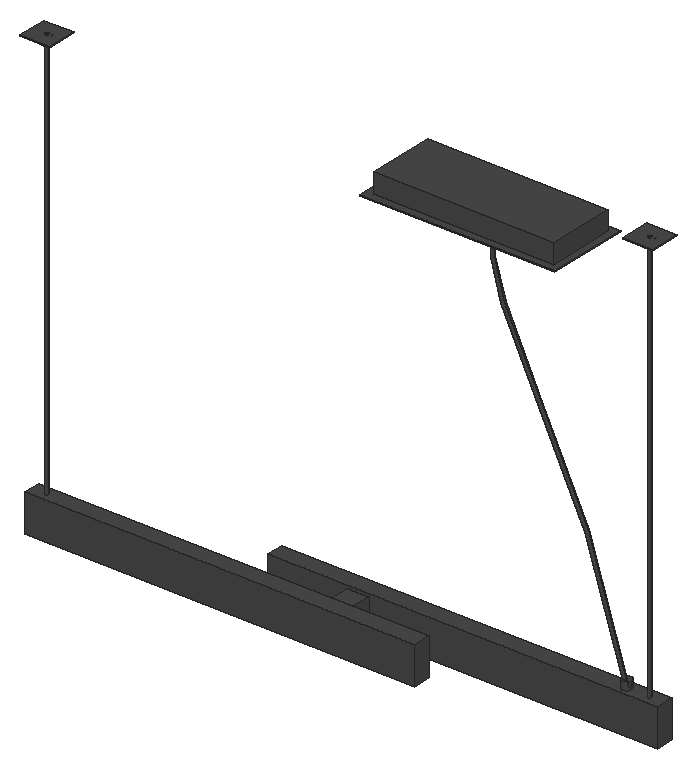
Revit family "32-642-xx - Klone (Pendant)", category Lighting Fixtures, host Ceiling, Revit 2018
Family settings
  Host = Ceiling
  Round Connector Dimension = Use Diameter
  Part Type = Normal
  OmniClass Number = 23.80.70.11
  OmniClass Title = Luminaries for Internal Lighting
  Always vertical = Yes
  Cut with Voids When Loaded = No
  Light Source = Yes
  Shared = No
  Room Calculation Point = No
Parameters (values of type "32-642-15 - Klone")
  Wattage Comments = "56.7W at 120V"
  URL = "www.oxygenlighting.com"
  Type Comments = "LED Lighting Fixture"
  Tilt Angle = 90.00°
  Photometric Web File = "32-642 Klone.ies"
  Note [instance] = "Up to 60\""
  Model = "32-642-15 - Klone"
  Metal Finish = 15 - Black
  Manufacturer = "Oxygen Lighting"
  Keynote = "LED array lamp"
  Input Voltage = "120V or 277V 50/60Hz"
  Wattage = 56.7 W
  built-in parameter 1150110 = 1 (stored number, unit not read)
  built-in parameter 1114217 = 1 (stored number, unit not read)
  built-in parameter 1150109 = 1 (stored number, unit not read)
  built-in parameter 1150134 = (empty or 0)
  built-in parameter 1150113 = 1 (stored number, unit not read)
  Lumens = 742.77 lm
  built-in parameter 1150115 = 1 (stored number, unit not read)
  built-in parameter 1150105 = 59.108 (stored number, unit not read)
  built-in parameter 1150137 = (empty or 0)
  built-in parameter 1150139 = (empty or 0)
  built-in parameter 1150112 = 1 (stored number, unit not read)
  built-in parameter 1150114 = 1 (stored number, unit not read)
  Lamp = "LED Array"
  built-in parameter 1150132 = (empty or 0)
  built-in parameter 1150102 = (empty or 0)
  built-in parameter 1150138 = (empty or 0)
  built-in parameter 1150107 = 3000 (stored number, unit not read)
  built-in parameter 1150106 = 0.59108 (stored number, unit not read)
  Suspension Lenght [instance] = 30.04"
  Emit from Rectangle Width = 3.00"
  Emit from Rectangle Length = 40.00"
  Emit Shape Visible in Rendering = no
  Electrical Cable = 15 - Black
  built-in parameter 1150104 = 1.217 (stored number, unit not read)
  Dimming Lamp Color Temperature Shift = <None>
  Diffuser = Matte White Acrylic
  Description = "--"
  Cost = 0
  Color Filter = 16777215
  built-in parameter 1114218 = 1 (stored number, unit not read)
  built-in parameter 1150133 = 10 (stored number, unit not read)
  Assembly Code = "--"
Types (4): name | Model | Metal Finish | Wattage | Lumens | built-in parameter 1150105 | built-in parameter 1150132 | built-in parameter 1150106 | Suspension Lenght | Electrical Cable | built-in parameter 1150104
  32-642-15 - Klone | "32-642-15 - Klone" | 15 - Black | 56.7 W | 742.77 lm | 59.108 (stored number, unit not read) | (empty or 0) | 0.59108 (stored number, unit not read) | 30.04" | 15 - Black | 1.217 (stored number, unit not read)
  32-642-16 - Klone | "32-642-16 - Klone" | 16 - Gray | 5.36234 W | 700 lm | 55.704 (stored number, unit not read) | 2 | 0.55704 (stored number, unit not read) | 30.00" | 16 - Gray | 12.128 (stored number, unit not read)
  32-642-20 - Klone | "32-642-20 - Klone" | 20 - Polished Nickel | 56.7 W | 742.77 lm | 59.108 (stored number, unit not read) | (empty or 0) | 0.59108 (stored number, unit not read) | 30.00" | 16 - Gray | 1.217 (stored number, unit not read)
  32-642-24 - Klone | "32-642-24 - Klone" | 24 - Satin Nickel | 56.7 W | 742.77 lm | 59.108 (stored number, unit not read) | (empty or 0) | 0.59108 (stored number, unit not read) | 30.00" | 16 - Gray | 1.217 (stored number, unit not read)
Reference planes (in)
  plane 1 "Light Source Axis (F/B)": y = 0
  plane 2 "Ceiling": z = 149.98321
  plane 3 "Light Source Axis (L/R)": x = 0
  plane 4 "Light Source Elevation": z = 119.94321
  plane 5: z = 122.49321
  plane 6: y = -1.38927
  plane 7: y = 1.38927
  plane 8: x = -7
  plane 9: x = 7
  plane 10 "start": z = 148.53219
  plane 11: x = -19
  plane 12: x = 19
Forms (in)
  Extrusion 1, solid, material "15 - Black" <- "Metal Finish"
    sketch origin (-42.84167, 25.20073, 104.19847) x (1, 0, 0) y (0, 1, 0)
      loop
        line (46.34167, -22.95073) -> (46.34167, -27.45073) -> (58.34167, -27.45073) -> (58.34167, -22.95073) -> (46.34167, -22.95073)
    from 44.48552 to 45.78474
  Extrusion 2, solid, material "15 - Black" <- "Metal Finish"
    sketch origin (30.24419, -31.06361, 149.98321) x (1, 0, 0) y (0, 1, 0)
      loop
        line (-27.24419, 33.81361) -> (-27.24419, 28.31361) -> (-14.24419, 28.31361) -> (-14.24419, 33.81361) -> (-27.24419, 33.81361)
    from -1.29921 to -1.34888
  Extrusion 3, solid, material "15 - Black" <- "Metal Finish"
    sketch origin (-2.62841, -19.86147, 0) x (1, 0, 0) y (0, 1, 0)
      loop
        line (1.91967, 20.68824) -> (1.91967, 19.0347) -> (3.33716, 19.0347) -> (3.33716, 20.68824) -> (1.91967, 20.68824)
    from 120.24928 to 122.26633
  Extrusion 4, solid, material "15 - Black" <- "Metal Finish"
    sketch origin (-49.89263, -8.09542, 149.98321) x (1, 0, 0) y (0, 1, 0)
      loop
        line (29.89263, 7.70615) -> (29.89263, 5.70615) -> (31.89263, 5.70615) -> (31.89263, 7.70615) -> (29.89263, 7.70615)
    from -0.046 to 0
  Extrusion 5, solid, material "15 - Black" <- "Metal Finish"
    sketch origin (0.13424, 1.28607, 149.98321) x (1, 0, 0) y (0, 1, 0)
      loop
        circle (-19.13424, -2.67534) r 0.31496
    from -0.54921 to -0.046
  Extrusion 6, solid, material "15 - Black" <- "Metal Finish"
    sketch origin (4.95329, 0, 149.98321) x (1, 0, 0) y (0, 1, 0)
      loop
        line (-24.95329, -0.82677) -> (-24.95329, -1.95177) -> (1.04671, -1.95177) -> (1.04671, -0.82677) -> (-24.95329, -0.82677)
    from -29.99236 to -27.49
  Extrusion 7, solid, material "15 - Black" <- "Metal Finish"
    sketch origin (16.5, 11.04135, 149.98321) x (1, 0, 0) y (0, 1, 0)
      loop
        line (-22.5, -9.08957) -> (-22.5, -10.21457) -> (3.5, -10.21457) -> (3.5, -9.08957) -> (-22.5, -9.08957)
    from -29.99236 to -27.49
  Extrusion 8, solid, material "15 - Black" <- "Metal Finish"
    sketch origin (-14.32595, 2.10316, 149.98321) x (1, 0, 0) y (0, 1, 0)
      loop
        line (32.32595, 0.28611) -> (32.32595, -1.71389) -> (34.32595, -1.71389) -> (34.32595, 0.28611) -> (32.32595, 0.28611)
    from -0.046 to 0
  Extrusion 9, solid, material "15 - Black" <- "Metal Finish"
    sketch origin (37.9279, 6.14838, 149.98321) x (1, 0, 0) y (0, 1, 0)
      loop
        circle (-18.9279, -4.75911) r 0.31496
    from -0.54921 to -0.046
  Extrusion 10, void
    sketch origin (0, 0, 149.98321) x (1, 0, 0) y (0, 1, 0)
      loop
        line (-19.4, -1.79095) -> (5.4, -1.79095)
        arc (5.4, -1.79095) -> (5.47071, -1.76166) -> (5.5, -1.69095) r 0.1
        line (5.5, -1.69095) -> (5.5, -1.0876)
        arc (5.5, -1.0876) -> (5.47071, -1.01688) -> (5.4, -0.9876) r 0.1
        line (5.4, -0.9876) -> (-19.4, -0.9876)
        arc (-19.4, -0.9876) -> (-19.47071, -1.01688) -> (-19.5, -1.0876) r 0.1
        line (-19.5, -1.0876) -> (-19.5, -1.69095)
        arc (-19.5, -1.69095) -> (-19.47071, -1.76166) -> (-19.4, -1.79095) r 0.1
    from -29.99236 to -28.17465
  Extrusion 11, void
    sketch origin (14, 3.2376, 149.98321) x (1, 0, 0) y (0, 1, 0)
      loop
        line (-19.4, -2.24832) -> (5.4, -2.24832)
        arc (5.4, -2.24832) -> (5.47071, -2.21903) -> (5.5, -2.14832) r 0.1
        line (5.5, -2.14832) -> (5.5, -1.54832)
        arc (5.5, -1.54832) -> (5.47071, -1.47761) -> (5.4, -1.44832) r 0.1
        line (5.4, -1.44832) -> (-19.4, -1.44832)
        arc (-19.4, -1.44832) -> (-19.47071, -1.47761) -> (-19.5, -1.54832) r 0.1
        line (-19.5, -1.54832) -> (-19.5, -2.14832)
        arc (-19.5, -2.14832) -> (-19.47071, -2.21903) -> (-19.4, -2.24832) r 0.1
    from -29.99236 to -28.17465
  Extrusion 12, solid, material "15 - Black" <- "Metal Finish"
    sketch origin (0, 0, 149.98321) x (1, 0, 0) y (0, 1, 0)
      loop
        circle (-19, -1.38927) r 0.11811
    from -27.49 to 0
  Extrusion 13, solid, material "15 - Black" <- "Metal Finish"
    sketch origin (37.35379, 2.59427, 149.98321) x (1, 0, 0) y (0, 1, 0)
      loop
        circle (-18.35379, -1.20499) r 0.11811
    from -27.49 to 0
  Extrusion 14, solid, material "15 - Black" <- "Metal Finish"
    sketch origin (0, 0, 149.98321) x (1, 0, 0) y (0, 1, 0)
      loop
        circle (9.5, 0) r 0.47244
    from -1.45102 to -1.34888
  Extrusion 15, solid, material "Matte White Acrylic" <- "Diffuser"
    sketch origin (0, 0, 149.98321) x (1, 0, 0) y (0, 1, 0)
      loop
        line (-19.5, -1.79095) -> (5.5, -1.79095) -> (5.5, -0.9876) -> (-19.5, -0.9876) -> (-19.5, -1.79095)
      loop
        line (-5.5, 0.98927) -> (19.5, 0.98927) -> (19.5, 1.78927) -> (-5.5, 1.78927) -> (-5.5, 0.98927)
    from -29.9493 to -29.99236
  Extrusion 16, solid, material "15 - Black" <- "Metal Finish"
    sketch origin (0, 0, 149.98321) x (1, 0, 0) y (0, 1, 0)
      loop
        circle (17.46412, 1.38927) r 0.31981
    from -27.49 to -26.99
  Sweep 17, solid, material "15 - Black" <- "Electrical Cable"
    path origin (0, 1.38927, 122.99321) x (0, -0.054318, 0.998524) y (1, 0, 0)
      loop
        spline (25.74194, 9.5) -> (23.94126, 9.4613) -> (22.18791, 9.68276) -> (20.44669, 10.12464) -> (18.6824, 10.74721) -> (16.85982, 11.51074) -> (14.94377, 12.37549) -> (12.89903, 13.30173) -> (10.69042, 14.24973) -> (8.28271, 15.17976) -> (5.64071, 16.05207) -> (2.72922, 16.82695) -> (-0.48696, 17.46466)
    profile origin (12.37549, 0.57756, 137.91492) x (-0.909565, 0.022572, -0.414947) y (0, 0.998524, 0.054318)
      loop
        circle (0, 0) r 0.11811
  Extrusion 18, solid
    sketch origin (0, 0, 148.53219) x (0, -1, 0) y (1, 0, 0)
      loop
        line (1.40579, -0.31028) -> (1.40579, 0.31401) -> (-1.38927, 0.31401) -> (-1.38927, -0.31028) -> (1.40579, -0.31028)
    from -27.83525 to -26.72363
Cuts and joins
  Extrusion 10, Extrusion 11 cuts Extrusion 6
  Extrusion 11 cuts Extrusion 7
Lines and regions (in)
  model lines
    curve 1: circle (9.5, 0, 148.53219) r 0.15748 normal (0, 0, 1)
  reference lines
    curve 2: line (0, 1.38927, 122.99321) -> (0, 0, 148.53219)
Dimensions and locks (in)
  equal spacing: host sketch curve, plane 3 "Light Source Axis (L/R)", host sketch curve
  equal spacing: host sketch curve, plane 1 "Light Source Axis (F/B)", host sketch curve
  host sketch curve to host sketch curve = 120.00"  (x2)
  Extrusion 2 to Extrusion 1 sketch curve to Extrusion 1 sketch curve = 0.50" locked, 4.50" locked
  locked: Extrusion 1 sketch curve to Extrusion 1 sketch curve at 12
  locked: Extrusion 3 sketch curve to Extrusion 3 sketch curve at 1.41749
  locked: Extrusion 3 sketch curve to Extrusion 3 sketch curve at 1.65354
  locked: Extrusion 2 sketch curve to Extrusion 2 sketch curve at 5.5
  locked: Extrusion 2 sketch curve to Extrusion 2 sketch curve at 13
  locked: plane 2 "Ceiling" to Extrusion 1 at 1.29921
  locked: Extrusion 1 to Extrusion 2 at 1.34888
  equal spacing: Extrusion 3 sketch curve, imposter light, Extrusion 3 sketch curve  (x2)
  locked: Extrusion 6 sketch curve to Extrusion 6 sketch curve at 26
  locked: Extrusion 6 to Extrusion 6 at 2.50236
  locked: Extrusion 4 to Extrusion 4 at 0.046
  equal spacing: Extrusion 4, Extrusion 5 sketch curve, Extrusion 4
  locked: Extrusion 4 sketch curve to Extrusion 4 sketch curve at 2  (x2)
  locked: Extrusion 6 sketch curve to Extrusion 6 sketch curve at 1.125
  locked: Extrusion 7 sketch curve to Extrusion 7 sketch curve at 26
  locked: Extrusion 7 sketch curve to Extrusion 7 sketch curve at 1.125
  equal spacing: Extrusion 6, plane 3 "Light Source Axis (L/R)", Extrusion 7, locked at 20 each
  equal spacing: Extrusion 6, plane 6, Extrusion 6
  equal spacing: Extrusion 4 sketch curve, plane 6, Extrusion 4 sketch curve
  Extrusion 8 to Extrusion 8 = 2.00"
  locked: Extrusion 8 sketch curve to Extrusion 8 sketch curve at 2  (x2)
  Extrusion 8 sketch curve to Extrusion 8 sketch curve = 2.00"
  locked: Extrusion 2 to Extrusion 1 sketch curve at 0.5
  locked: plane 3 "Light Source Axis (L/R)" to Extrusion 2 at 3
  equal spacing: Extrusion 7, plane 7, Extrusion 7
  equal spacing: Extrusion 8 sketch curve, plane 7, Extrusion 8 sketch curve
  equal spacing: Extrusion 8, Extrusion 9 sketch curve, Extrusion 8
  equal spacing: Extrusion 6, plane 8, Extrusion 6
  equal spacing: Extrusion 10 sketch curve, plane 6, Extrusion 10 sketch curve
  equal spacing: Extrusion 10 sketch curve, plane 8, Extrusion 10 sketch curve
  Extrusion 10 sketch curve to plane 8 = 12.50"
  locked: cut or joined group of Extrusion 6, Extrusion 10, Extrusion 11 to cut or joined group of Extrusion 6, Extrusion 10, Extrusion 11 at 0.68465
  equal spacing: cut or joined group of Extrusion 7, Extrusion 11, plane 9, cut or joined group of Extrusion 7, Extrusion 11
  equal spacing: Extrusion 11 sketch curve, plane 7, Extrusion 11 sketch curve
  Extrusion 11 sketch curve to plane 7 = 0.40"
  equal spacing: Extrusion 11 sketch curve, plane 9, Extrusion 11 sketch curve
  plane 9 to Extrusion 11 sketch curve = 12.50"
  locked: cut or joined group of Extrusion 6, Extrusion 10, Extrusion 11 to Extrusion 3 at 0.22688
  locked: cut or joined group of Extrusion 6, Extrusion 10, Extrusion 11 to Extrusion 3 at 0.25843
  equal spacing: Extrusion 4, Extrusion 12 sketch curve, Extrusion 4
  locked: Extrusion 5 to Extrusion 5 at 0.50321
  equal spacing: Extrusion 8, Extrusion 13 sketch curve, Extrusion 8
  "Suspension Lenght": plane 2 "Ceiling" to plane 4 "Light Source Elevation"
  equal spacing: Extrusion 2, Extrusion 14 sketch curve, Extrusion 2
  locked: Extrusion 14 to Extrusion 14 at 0.10214
  locked: cut or joined group of Extrusion 6, Extrusion 10, Extrusion 11 to Extrusion 15 at 0.04306
  locked: plane 5 to plane 4 "Light Source Elevation" at 2.55
  locked: Extrusion 16 to plane 5 at 0.5
  plane 3 "Light Source Axis (L/R)" to Extrusion 18 = 0.31401"
  locked: Extrusion 18 to Extrusion 18 at 1.11163
  aligned and locked: plane 4 "Light Source Elevation" to imposter light
  aligned and locked: plane 1 "Light Source Axis (F/B)" to imposter light
  aligned and locked: plane 3 "Light Source Axis (L/R)" to imposter light
  aligned and locked: host ceiling to Extrusion 1
  aligned and locked: Extrusion 2 to Extrusion 1
  aligned and locked: host ceiling to Extrusion 4
  aligned and locked: plane 5 to Extrusion 6
  aligned and locked: Extrusion 6 to Extrusion 3
  aligned and locked: Extrusion 7 to Extrusion 3
  aligned and locked: Extrusion 4 to Extrusion 6
  aligned and locked: plane 6 to Extrusion 5 sketch curve
  aligned and locked: Extrusion 8 to Extrusion 7
  aligned and locked: plane 7 to Extrusion 9 sketch curve
  aligned and locked: cut or joined group of Extrusion 6, Extrusion 10, Extrusion 11 to cut or joined group of Extrusion 6, Extrusion 10, Extrusion 11
  aligned and locked: plane 5 to cut or joined group of Extrusion 7, Extrusion 11
  aligned and locked: cut or joined group of Extrusion 6, Extrusion 10, Extrusion 11 to cut or joined group of Extrusion 7, Extrusion 11
  aligned and locked: Extrusion 11 to cut or joined group of Extrusion 6, Extrusion 10, Extrusion 11
  aligned and locked: cut or joined group of Extrusion 7, Extrusion 11 to cut or joined group of Extrusion 7, Extrusion 11
  aligned and locked: Extrusion 8 to Extrusion 4
  aligned and locked: Extrusion 4 to Extrusion 8
  aligned and locked: Extrusion 9 to Extrusion 5
  aligned and locked: Extrusion 5 to Extrusion 9
  aligned and locked: Extrusion 5 to Extrusion 4
  aligned and locked: plane 6 to Extrusion 12 sketch curve
  aligned and locked: Extrusion 12 to plane 5
  aligned and locked: host ceiling to Extrusion 12
  aligned and locked: plane 7 to Extrusion 13 sketch curve
  aligned and locked: Extrusion 13 to plane 5
  aligned and locked: host ceiling to Extrusion 13
  aligned and locked: plane 1 "Light Source Axis (F/B)" to Extrusion 14 sketch curve
  aligned and locked: Extrusion 14 to Extrusion 2
  aligned and locked: Extrusion 15 sketch curve to cut or joined group of Extrusion 7, Extrusion 11  (x4)
  aligned and locked: Extrusion 15 sketch curve to cut or joined group of Extrusion 6, Extrusion 10, Extrusion 11  (x4)
  aligned and locked: cut or joined group of Extrusion 6, Extrusion 10, Extrusion 11 to Extrusion 15
  aligned and locked: Extrusion 16 to plane 5
  aligned and locked: curve 2 to Extrusion 16
  aligned and locked: cut or joined group of Extrusion 6, Extrusion 10, Extrusion 11 to Extrusion 18
Automatic sketch dimensions
  Extrusion 2 sketch curve to plane 6 = 1.36073"
  plane 3 "Light Source Axis (L/R)" to Extrusion 2 sketch curve = 3.00"
  plane 8 to Extrusion 4 sketch curve = 13.00"
  Extrusion 6 sketch curve to plane 6 = 0.5625"
  plane 8 to Extrusion 6 sketch curve = 13.00"
  Extrusion 7 sketch curve to plane 8 = 1.00"
  Extrusion 7 sketch curve to plane 7 = 0.5625"
  plane 9 to Extrusion 8 sketch curve = 11.00"
  Extrusion 10 sketch curve to Extrusion 10 sketch curve = 0.10"  (x4)
  Extrusion 10 sketch curve to plane 6 = 0.40168"
  Extrusion 11 sketch curve to Extrusion 11 sketch curve = 0.10"  (x4)
  plane 1 "Light Source Axis (F/B)" to curve 1 = 0.00"
  plane 9 to curve 1 = 2.50"
  curve 2 to plane 1 "Light Source Axis (F/B)" = 0.00"
  curve 2 to plane 7 = 0.00"
  curve 2 to plane 10 "start" = 0.00"
  plane 5 to curve 2 = 0.50"
  curve 2 to Sweep 17 sketch curve = 9.50"
  Sweep 17 sketch curve to curve 2 = 0.48696"
  curve 2 to Sweep 17 sketch curve = 17.46466"
  curve 2 to Sweep 17 sketch curve = 0.16521"
  Sweep 17 sketch curve to profile plane = 0.00"
  profile plane to Sweep 17 sketch curve = 0.00"
  Extrusion 16 sketch curve to plane 7 = 0.00"
  plane 9 to Extrusion 16 sketch curve = 10.46412"
  Extrusion 18 sketch curve to plane 7 = 0.00"
  Extrusion 18 sketch curve to plane 6 = 0.01652"
  Extrusion 18 sketch curve to plane 3 "Light Source Axis (L/R)" = 0.31028"
  plane 3 "Light Source Axis (L/R)" to Extrusion 18 sketch curve = 0.31401"
  radius of Extrusion 5 sketch curve = 0.31496"
  radius of Extrusion 9 sketch curve = 0.31496"
  radius of Extrusion 12 sketch curve = 0.11811"
  radius of Extrusion 13 sketch curve = 0.11811"
  radius of Extrusion 14 sketch curve = 0.47244"
  radius of curve 1 = 0.15748"
  radius of Sweep 17 sketch curve = 0.11811"
  radius of Extrusion 16 sketch curve = 0.31981"
